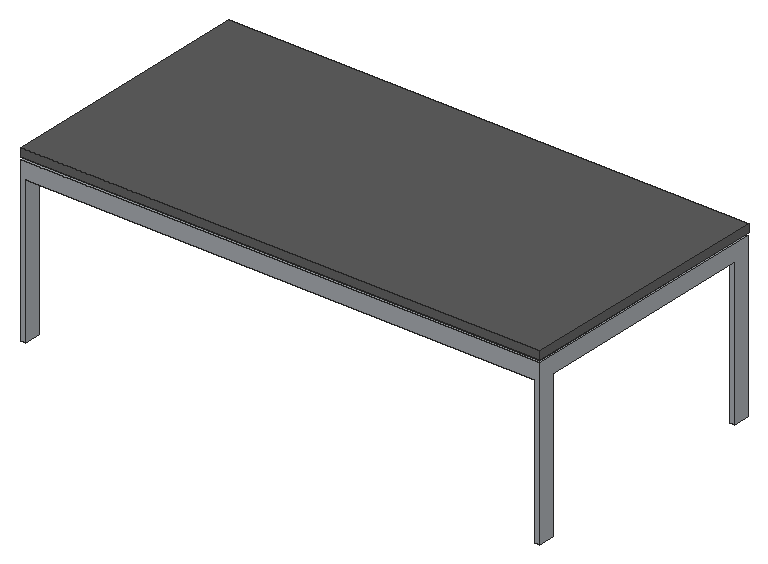
Revit family
Parameters
  URL = "http://www.martinbrattrud.com"
  Table Top [instance] = none
  SCS Certified Product = "Yes"
  Model = "Lundin 1006-48RL"
  Manufacturer = "Martin Brattrud, Inc."
  Leg [instance] = none
  Keynote = "125000"
  Copyright = "© 2013 Martin Brattrud, Inc."
  Authoring Version = "Revit Architecture 2010"
  Assembly Code = "E2020200"
Reference planes (in)
  plane 1 "Center Front/Back": y = 0
  plane 2: z = 0
  plane 3 "Center Left/Right": x = 0
  plane 4: z = 0
  plane 5: z = 16
  plane 6: z = 15.25
  plane 7: z = 15
  plane 8: z = 13.5
  plane 9: x = 132
  plane 10: y = 12
  plane 11: y = -12
  plane 12: y = -11.6875
  plane 13: y = -11.5
  plane 14: y = 11.6875
  plane 15: y = 11.5
  plane 16: x = -24
  plane 17: x = -23.6875
  plane 18: x = -24
  plane 19: x = 24
  plane 20: x = 23.6875
  plane 21: x = 24
Forms (in)
  Extrusion 1, solid, material <- "Leg"
    sketch origin (-12, 0, 0) x (0, 1, 0) y (0, 0, -1)
      loop
        line (12, -15) -> (12, 0) -> (10.5, 0) -> (10.5, -13.5) -> (-10.5, -13.5) -> (-10.5, 0) -> (-12, 0) -> (-12, -15) -> (12, -15)
    from 11.5 to 12
  Extrusion 2, solid, material <- "Leg"
    sketch origin (0, 2, -4) x (0, 1, 0) y (0, 0, 1)
      loop
        line (10, 19) -> (9.5, 19) -> (9.5, 17.5) -> (10, 17.5) -> (10, 19)
      loop
        line (-14, 19) -> (-14, 17.5) -> (-13.5, 17.5) -> (-13.5, 19) -> (-14, 19)
    from -24 to 24
  Extrusion 3, solid, material <- "Table Top"
    sketch origin (0, 0, -4) x (1, 0, 0) y (0, 1, 0)
      loop
        line (-24, 12) -> (-24, -12) -> (24, -12) -> (24, 12) -> (-24, 12)
    from 19.25 to 20
  Extrusion 4, solid, material <- "Table Top"
    sketch origin (0, 0, -4) x (1, 0, 0) y (0, 1, 0)
      loop
        line (23.6875, 11.6875) -> (-23.6875, 11.6875) -> (-23.6875, -11.6875) -> (23.6875, -11.6875) -> (23.6875, 11.6875)
    from 18.5217 to 19.25
  Extrusion 5, solid, material <- "Leg"
    sketch origin (12, 0, 0) x (0, 1, 0) y (0, 0, 1)
      loop
        line (12, 0) -> (12, 15) -> (-12, 15) -> (-12, 0) -> (-10.5, 0) -> (-10.5, 13.5) -> (10.5, 13.5) -> (10.5, 0) -> (12, 0)
    from 11.5 to 12
Cuts and joins
  joined: Extrusion 1, Extrusion 2, Extrusion 5
